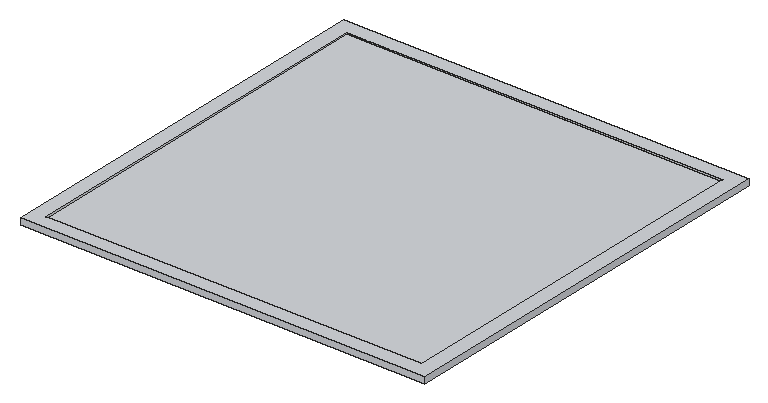
Revit family "0042506", category Lighting Fixtures, host Face, Revit 2017
Family settings
  Host = Face
  Round Connector Dimension = Use Diameter
  Part Type = Normal
  OmniClass Number = 23.80.70.00
  OmniClass Title = Lighting
  Cut with Voids When Loaded = No
  Light Source = Yes
  Shared = No
  Room Calculation Point = No
Parameters (values of type "0042506 START PANEL UGR19 600X600 3800LM 830 SSC")
  Weight = "kg"
  Wattage Comments = ""
  Wattage = 36 W
  WarrantyStartDate [instance] = "n/a"
  WarrantyGuarantorParts = "n/a"
  WarrantyDurationUnit = "n/a"
  WarrantyDurationParts = "n/a"
  WarrantyDescription = "n/a"
  WIDTH_SYL = 297.5 mm
  built-in parameter 1150110 = 1 (stored number, unit not read)
  Voltage = 0 V
  URL = "http://www.sylvania-lighting.com"
  TypeName = "START Panel UGR19 600x600 3800Lm 830 SSC"
  Type Image = <None>
  Type Comments = "n/a"
  built-in parameter 1114217 = 1 (stored number, unit not read)
  Tilt Angle = -90.00°
  built-in parameter 1150109 = 1 (stored number, unit not read)
  built-in parameter 1150134 = (empty or 0)
  TOPWIDTH_SYL = 245 mm
  built-in parameter 1150113 = 1 (stored number, unit not read)
  SerialNumber [instance] = "n/a"
  Photometric Web File = "0042506.ies"
  Material_3_SYL = none
  PowerFactor = 0
  PowerConsumption = "36 W"
  NominalLength = 595 mm
  NominalHeight = 35 mm
  NominalDepth = 595 mm
  Name = "START Panel UGR19 600x600 3800Lm 830 SSC"
  ModelReference = Name  # "START Panel UGR19 600x600 3800Lm 830 SSC"
  ModelNumber = "0042506"
  Model = Name  # "START Panel UGR19 600x600 3800Lm 830 SSC"
  Material = "aluminium,steel housing, other diffuser"
  ManufacturerName = "Feilo Sylvania"
  Manufacturer = "Feilo Sylvania"
  MAINHEIGHT_SYL = 63 mm
  LuminousEfficacy = "106 lm/W"
  built-in parameter 1150105 = 303.67 (stored number, unit not read)
  Lumens = 3816 lm
  LuminaireType = ""
  built-in parameter 1150115 = 1 (stored number, unit not read)
  LightOutputRatio = "n/a"
  built-in parameter 1150137 = (empty or 0)
  built-in parameter 1150139 = (empty or 0)
  LampsType = Lamp  # "LED"
  LampNominalLuminous = "3800 lm"
  LampMacAdamStep = "3"
  LampColourTemperature = "3000 K"
  LampColourRenderingIndex = "80"
  built-in parameter 1150112 = 1 (stored number, unit not read)
  built-in parameter 1150114 = 1 (stored number, unit not read)
  Lamp = "LED"
  LUMWIDTH_SYL = 276.5 mm
  LUMDEPTH_SYL = 276.5 mm
  Keynote = "16500"
  InstallationDate [instance] = "n/a"
  InputVoltage = "n/a"
  InputNominalFrequency = "n/a"
  built-in parameter 1150132 = (empty or 0)
  built-in parameter 1150102 = (empty or 0)
  built-in parameter 1150107 = 3000 (stored number, unit not read)
  built-in parameter 1150138 = (empty or 0)
  IngressProtection = "IP40/20"
  ImpactProtectionIndex = "IK03"
  built-in parameter 1150106 = 3.0367 (stored number, unit not read)
  IfcExportType = "IfcLightFixtureType"
  IfcExportAs = "IfcLightFixtureType"
  HEIGHT_SYL = 33 mm
  HEIGHTBOTT_SYL = 7 mm
  Emit from Circle Diameter = 609.6 mm
  Emit Shape Visible in Rendering = no
  ElectricShockClassification = "Class II"
  built-in parameter 1150104 = 9.8477 (stored number, unit not read)
  DocumentationLiterature = "http://www.sylvania-lighting.com/product/en-int/products/0042506"
  DimmingControlOptions = "n/a"
  Material_2_SYL = none
  Dimming Lamp Color Temperature Shift = <None>
  Description = "START Panel is a range of backlit LED panels used in recessed ceilings. Ideal for general indoor appliactions such as corridors, breakrooms, offices and meeting rooms. Luminaire dimensions are compatible with common ceiling installation, and the shallow design makes it easy to install in low ceilings. 3800Lm; 36W; 106Lm/W; Drive current: 750mA; Average life: 50000Hrs; 3000K; CRI 80; Glare control <19; IK03; IP40 (from the front); SDCM<3; Class II; Loop in loop out connector for quick installation. SylSmart Standalone (SSC) enabled."
  Default Elevation = 1219.2 mm
  DEPTH_SYL = 297.5 mm
  CreatedOn = "11/2/2020"
  CreatedBy = "@sylvania-lighting.com"
  Cost = 0
  Color Filter = 16777215
  built-in parameter 1114216 [instance] = (empty or 0)
  ClassificationValue = "EF_70_80"
  ClassificationName = "Uniclass2015"
  Material_1_SYL = none
  BarCode [instance] = "n/a"
  built-in parameter 1114218 = 1 (stored number, unit not read)
  BOX_WIDTH_SYL = 40 mm
  built-in parameter 1150133 = 10 (stored number, unit not read)
  AssetType = "Fixed"
  AssetIdentifier [instance] = "n/a"
  Assembly Code = "D5020200"
  Apparent Load = 36 VA
  Material_4_SYL = none
  -LUMDEPTH_SYL = LUMDEPTH_SYL * (-1)  # -276.5 mm
Types (6, lengths in mm): name | Wattage | TypeName | built-in parameter 1150134 | Photometric Web File | PowerConsumption | NominalHeight | Name | ModelReference | ModelNumber | Model | LuminousEfficacy | built-in parameter 1150105 | Lumens | LampNominalLuminous | LampMacAdamStep | LampColourTemperature | built-in parameter 1150107 | built-in parameter 1150106 | built-in parameter 1150104 | DocumentationLiterature | Description | Apparent Load
  0042567 ST PANEL UGR19 600X600 4800LM 840 SSC | 43 W | "START Panel UGR19 600x600 4800Lm 840 SSC" | 12 | "0042567.ies" | "43 W" | 34 | "START Panel UGR19 600x600 4800Lm 840 SSC" | "START Panel UGR19 600x600 4800Lm 840 SSC" | "0042567" | "START Panel UGR19 600x600 4800Lm 840 SSC" | "112 lm/W" | 383.25 (stored number, unit not read) | 4816 lm | "4800 lm" | "3" | "4000 K" | 4000 (stored number, unit not read) | 3.8325 (stored number, unit not read) | 10.405 (stored number, unit not read) | "http://www.sylvania-lighting.com/product/en-int/products/0042567" | "START Panel is a range of backlit LED panels used in recessed ceilings. Ideal for general indoor appliactions such as corridors, breakrooms, offices and meeting rooms. Luminaire dimensions are compatible with common ceiling installation, and the shallow design makes it easy to install in low ceilings. 4800Lm; 43W; 112Lm/W; Drive current: 950mA; Average life: 50000Hrs; 4000K; CRI 80; Glare control <19; IK03; IP40 (from the front); SDCM<3; Class II; Loop in loop out connector for quick installation. SylSmart Standalone (SSC) enabled." | 43 VA
  0042566 ST PANEL UGR19 600X600 4600LM 830 SSC | 43 W | "START Panel UGR19 600x600 4600Lm 830 SSC" | (empty or 0) | "0042566.ies" | "43 W" | 34 | "START Panel UGR19 600x600 4600Lm 830 SSC" | "START Panel UGR19 600x600 4600Lm 830 SSC" | "0042566" | "START Panel UGR19 600x600 4600Lm 830 SSC" | "107 lm/W" | 366.14 (stored number, unit not read) | 4601 lm | "4600 lm" | "3" | "3000 K" | 3000 (stored number, unit not read) | 3.6614 (stored number, unit not read) | 9.9406 (stored number, unit not read) | "http://www.sylvania-lighting.com/product/en-int/products/0042566" | "START Panel is a range of backlit LED panels used in recessed ceilings. Ideal for general indoor appliactions such as corridors, breakrooms, offices and meeting rooms. Luminaire dimensions are compatible with common ceiling installation, and the shallow design makes it easy to install in low ceilings. 4600Lm; 43W; 107Lm/W; Drive current: 950mA; Average life: 50000Hrs; 3000K; CRI 80; Glare control <19; IK03; IP40 (from the front); SDCM<3; Class II; Loop in loop out connector for quick installation. SylSmart Standalone (SSC) enabled." | 43 VA
  0042508 START PANEL UGR19 600X600 4000LM 865 SSC | 36 W | "START Panel UGR19 600x600 4000Lm 865 SSC" | 1 | "0042508.ies" | "36 W" | 35 | "START Panel UGR19 600x600 4000Lm 865 SSC" | "START Panel UGR19 600x600 4000Lm 865 SSC" | "0042508" | "START Panel UGR19 600x600 4000Lm 865 SSC" | "111 lm/W" | 317.99 (stored number, unit not read) | 3996 lm | "4000 lm" | "6" | "6500 K" | 6500 (stored number, unit not read) | 3.1799 (stored number, unit not read) | 10.312 (stored number, unit not read) | "http://www.sylvania-lighting.com/product/en-int/products/0042508" | "START Panel is a range of backlit LED panels used in recessed ceilings. Ideal for general indoor appliactions such as corridors, breakrooms, offices and meeting rooms. Luminaire dimensions are compatible with common ceiling installation, and the shallow design makes it easy to install in low ceilings. 4000Lm; 36W; 111Lm/W; Drive current: 750mA; Average life: 50000Hrs; 6500K; CRI 80; Glare control <19; IK03; IP40 (from the front); Class II; Loop in loop out connector for quick installation. SylSmart Standalone (SSC) enabled." | 36 VA
  0042507 START PANEL UGR19 600X600 4000LM 840 SSC | 36 W | "START Panel UGR19 600x600 4000Lm 840 SSC" | 12 | "0042507.ies" | "36 W" | 35 | "START Panel UGR19 600x600 4000Lm 840 SSC" | "START Panel UGR19 600x600 4000Lm 840 SSC" | "0042507" | "START Panel UGR19 600x600 4000Lm 840 SSC" | "111 lm/W" | 317.99 (stored number, unit not read) | 3996 lm | "4000 lm" | "3" | "4000 K" | 4000 (stored number, unit not read) | 3.1799 (stored number, unit not read) | 10.312 (stored number, unit not read) | "http://www.sylvania-lighting.com/product/en-int/products/0042507" | "START Panel is a range of backlit LED panels used in recessed ceilings. Ideal for general indoor appliactions such as corridors, breakrooms, offices and meeting rooms. Luminaire dimensions are compatible with common ceiling installation, and the shallow design makes it easy to install in low ceilings. 4000Lm; 36W; 111Lm/W; Drive current: 750mA; Average life: 50000Hrs; 4000K; CRI 80; Glare control <19; IK03; IP40 (from the front); SDCM<3; Class II; Loop in loop out connector for quick installation. SylSmart Standalone (SSC) enabled." | 36 VA
  0042506 START PANEL UGR19 600X600 3800LM 830 SSC | 36 W | "START Panel UGR19 600x600 3800Lm 830 SSC" | (empty or 0) | "0042506.ies" | "36 W" | 35 | "START Panel UGR19 600x600 3800Lm 830 SSC" | "START Panel UGR19 600x600 3800Lm 830 SSC" | "0042506" | "START Panel UGR19 600x600 3800Lm 830 SSC" | "106 lm/W" | 303.67 (stored number, unit not read) | 3816 lm | "3800 lm" | "3" | "3000 K" | 3000 (stored number, unit not read) | 3.0367 (stored number, unit not read) | 9.8477 (stored number, unit not read) | "http://www.sylvania-lighting.com/product/en-int/products/0042506" | "START Panel is a range of backlit LED panels used in recessed ceilings. Ideal for general indoor appliactions such as corridors, breakrooms, offices and meeting rooms. Luminaire dimensions are compatible with common ceiling installation, and the shallow design makes it easy to install in low ceilings. 3800Lm; 36W; 106Lm/W; Drive current: 750mA; Average life: 50000Hrs; 3000K; CRI 80; Glare control <19; IK03; IP40 (from the front); SDCM<3; Class II; Loop in loop out connector for quick installation. SylSmart Standalone (SSC) enabled." | 36 VA
  0042568 ST PANEL UGR19 600X600 4800LM 865 SSC | 43 W | "START Panel UGR19 600x600 4800Lm 865 SSC" | 1 | "0042568.ies" | "43 W" | 34 | "START Panel UGR19 600x600 4800Lm 865 SSC" | "START Panel UGR19 600x600 4800Lm 865 SSC" | "0042568" | "START Panel UGR19 600x600 4800Lm 865 SSC" | "112 lm/W" | 383.25 (stored number, unit not read) | 4816 lm | "4800 lm" | "6" | "6500 K" | 6500 (stored number, unit not read) | 3.8325 (stored number, unit not read) | 10.405 (stored number, unit not read) | "http://www.sylvania-lighting.com/product/en-int/products/0042568" | "START Panel is a range of backlit LED panels used in recessed ceilings. Ideal for general indoor appliactions such as corridors, breakrooms, offices and meeting rooms. Luminaire dimensions are compatible with common ceiling installation, and the shallow design makes it easy to install in low ceilings. 4800Lm; 43W; 112Lm/W; Drive current: 950mA; Average life: 50000Hrs; 6500K; CRI 80; Glare control <19; IK03; IP40 (from the front); Class II; Loop in loop out connector for quick installation. SylSmart Standalone (SSC) enabled." | 43 VA
Reference planes
  plane 1 "Center (Front/Back)": y = 0
  plane 2: z = 0
  plane 3 "Center (Left/Right)": x = 0
  plane 4: x = -297.5
  plane 5: x = 297.5
  plane 6: y = 297.5
  plane 7: y = -297.5
  plane 8: x = 276.5
  plane 9: x = -276.5
  plane 10: y = 276.5
  plane 11: y = -276.5
  plane 12: z = -33
  plane 13: z = -7
  plane 14: x = -245
  plane 15: x = 245
  plane 16: y = -245
  plane 17: y = 245
  plane 18: y = 276.5
  plane 19: y = -276.5
  plane 20: z = -63
  plane 21: x = -40
  plane 22: x = 40
Forms (mm)
  Extrusion 1, solid
    sketch origin (0, 0, 0) x (1, 0, 0) y (0, 1, 0)
      loop
        line (-297.5, 297.5) -> (-297.5, -297.5) -> (297.5, -297.5) -> (297.5, 297.5) -> (-297.5, 297.5)
    from -7 to 2
  Extrusion 2, void
    sketch origin (0, 0, 0) x (1, 0, 0) y (0, 1, 0)
      loop
        line (-276.5, 276.5) -> (-276.5, -276.5) -> (276.5, -276.5) -> (276.5, 276.5) -> (-276.5, 276.5)
    from 0 to 10
  Extrusion 3, solid
    sketch origin (0, 0, 0) x (1, 0, 0) y (0, 0, 1)
      loop
        line (-276.5, -7) -> (-245, -33) -> (245, -33) -> (276.5, -7) -> (-276.5, -7)
    from -276.5 <- "-LUMDEPTH_SYL" to 276.5 <- "LUMDEPTH_SYL"
  Extrusion 4, void
    sketch origin (319, 1524, 1219.2) x (0, 1, 0) y (0, 0, 1)
      loop
        line (-1279, -1252.2) -> (-1247.5, -1252.2) -> (-1247.5, -1226.2) -> (-1279, -1252.2)
      loop
        line (-1800.5, -1226.2) -> (-1800.5, -1252.2) -> (-1769, -1252.2) -> (-1800.5, -1226.2)
    from -1000 to 1000
Cuts and joins
  Extrusion 2 cuts Extrusion 1
  Extrusion 4 cuts Extrusion 3
Dimensions and locks
  "WIDTH_SYL": plane 4 to plane 3 "Center (Left/Right)" to plane 5
  "DEPTH_SYL": plane 7 to plane 1 "Center (Front/Back)" to plane 6
  "LUMWIDTH_SYL": plane 9 to plane 3 "Center (Left/Right)" to plane 8
  "LUMDEPTH_SYL": plane 11 to plane 1 "Center (Front/Back)" to plane 10
  "HEIGHT_SYL": host face to plane 12
  "HEIGHTBOTT_SYL": host face to plane 13
  "TOPWIDTH_SYL": plane 14 to imposter light to plane 15
  "TOPWIDTH_SYL": plane 17 to imposter light to plane 16
  "LUMWIDTH_SYL": plane 18 to imposter light to plane 19
  "MAINHEIGHT_SYL": host face to plane 20
  "BOX_WIDTH_SYL": plane 21 to imposter light to plane 22
  aligned and locked: plane 2 to host face
  aligned and locked: level to host face
  aligned and locked: plane 6 to Extrusion 1 sketch curve
  aligned and locked: plane 4 to Extrusion 1 sketch curve
  aligned and locked: Extrusion 1 sketch curve to plane 7
  aligned and locked: Extrusion 1 sketch curve to plane 5
  aligned and locked: plane 10 to Extrusion 2 sketch curve
  aligned and locked: Extrusion 2 sketch curve to plane 9
  aligned and locked: Extrusion 2 sketch curve to plane 11
  aligned and locked: plane 8 to Extrusion 2 sketch curve
Automatic sketch dimensions
  host sketch curve to host sketch curve = 2438.4 mm  (x2)
  plane 9 to Extrusion 3 sketch curve = 0 mm
  Extrusion 3 sketch curve to plane 12 = 0 mm
  plane 14 to Extrusion 3 sketch curve = 0 mm
  plane 15 to Extrusion 3 sketch curve = 0 mm
  plane 8 to Extrusion 3 sketch curve = 0 mm
  Extrusion 3 sketch curve to plane 13 = 0 mm
  Extrusion 4 sketch curve to plane 11 = 0 mm
  plane 12 to Extrusion 4 sketch curve = 0 mm  (x2)
  Extrusion 4 sketch curve to plane 16 = 0 mm
  Extrusion 4 sketch curve to plane 17 = 0 mm
  Extrusion 4 sketch curve to plane 10 = 0 mm
  plane 13 to Extrusion 4 sketch curve = 0 mm  (x2)
